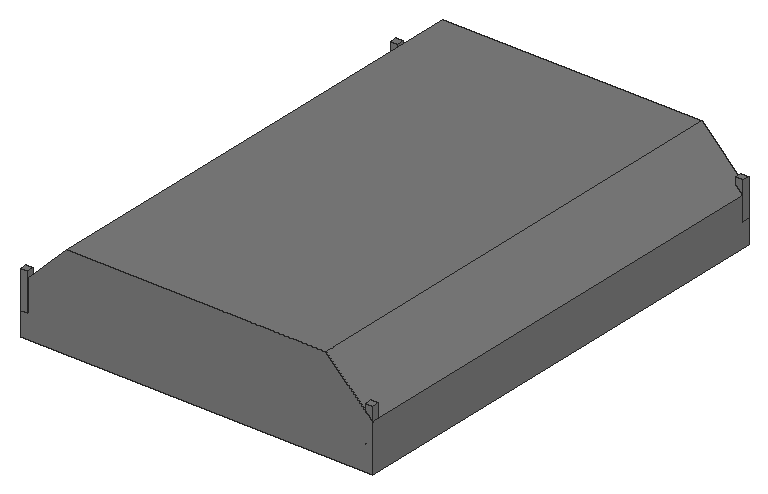
Revit family "НЕВАТОМ_Зонт вытяжной ZVO-2, Версия 2", category Воздухораспределители, Revit 2017
Family settings
  Размер круглого соединителя = Использовать диаметр
  Тип детали = Нормальный
  На основе рабочей плоскости = Нет
  Всегда вертикально = Да
  При загрузке вырезать с полостями = Нет
  Общий = Нет
  Точка расчета площади = Нет
Parameters (values of type "Зонт ZVO-2")
  ТП1 [instance] = "Зонт ZVO 2 2"
  ТП [instance] = "Зонт ZVO 2"
  Материал = По умолчанию
  d = 40 mm
  URL = "https://t.me/NEVATOM_Bim_bot"
  D врезки [instance] = 315 mm
  B-30 [instance] = B - 30 mm  # 1970 mm
  ADSK_Размер_Ширина [instance] = B  # 2000 mm
  ADSK_Размер_Длина [instance] = A  # 1500 mm
  ADSK_Размер_Высота [instance] = 437 mm  # constant formula
  ADSK_Наименование [instance] = "Островной вытяжной зонт"  # constant formula
  ADSK_Материал наименование = "Оцинкованная сталь"  # constant formula
  A-30 [instance] = A - 30 mm  # 1470 mm
  A [instance] = A1  # 1500 mm
  B [instance] = 2000 mm
  ADSK_Расход воздуха = 0.0 L/s
  ADSK_Примечание = ""
  ADSK_Потеря давления воздуха = 0.0 Pa
  ADSK_Позиция = ""
  ADSK_Масса [instance] = size_lookup(ТП, "ADSK_Масса", 0, A, B)  # 74.45
  ADSK_Марка [instance] = size_lookup(ТП1, "", "Ошибка типоразмера", A, B)  # "ZVO–2 -1500х2000"
  ADSK_Код изделия = ""
  ADSK_Завод-изготовитель = "НЕВАТОМ"  # constant formula
  ADSK_Единица измерения = "шт"  # constant formula
  A1 = 1500 mm
Reference planes
  plane 1 "По центру (Вперед/Назад)": y = 0
  plane 2: z = 0
  plane 3 "По центру (Влево/Вправо)": x = 0
  plane 4: y = 970
  plane 5: y = -970
  plane 6: y = 31.25
  plane 7: z = 514.5
  plane 8: z = 437
  plane 9: z = 37
  plane 10: z = 493
  plane 11: x = 750
  plane 12: x = -750
  plane 13: y = -1000
  plane 14: y = 1000
  plane 15: y = -31.25
  plane 16: z = 237
  plane 17: x = 550
  plane 18: x = -550
  plane 19: x = -720
  plane 20: x = 720
  plane 21: z = 297
  plane 22: z = 137
Forms (mm)
  Extrusion 1, solid, material "По умолчанию" <- "Материал", not visible
    sketch origin (0, 0, 0) x (1, 0, 0) y (0, 1, 0)
      loop
        circle (0, 0) r 157.5
    from 437 to 514.5
  Extrusion 2, solid, material "По умолчанию" <- "Материал"
    sketch origin (0, 0, 0) x (1, 0, 0) y (0, 1, 0)
      loop
        circle (0, 0) r 20
    from 0 to 37
  Extrusion 3, solid, material "По умолчанию" <- "Материал"
    sketch origin (0, 0, 0) x (1, 0, 0) y (0, 0, 1)
      loop
        line (-750, 37) -> (750, 37) -> (750, 237) -> (550, 437) -> (-550, 437) -> (-750, 237) -> (-750, 37)
    from -1000 to 1000
  Extrusion 4, solid, material "По умолчанию" <- "Материал"
    sketch origin (0, 0, 0) x (1, 0, 0) y (0, 0, 1)
      loop
        line (-750, 297) -> (-750, 137) -> (-720, 137) -> (-720, 297) -> (-750, 297)
      loop
        line (720, 297) -> (720, 137) -> (750, 137) -> (750, 297) -> (720, 297)
    from -1000 to -970
  Extrusion 5, solid, material "По умолчанию" <- "Материал"
    sketch origin (0, 0, 0) x (1, 0, 0) y (0, 0, -1)
      loop
        line (-750, -297) -> (-720, -297) -> (-720, -137) -> (-750, -137) -> (-750, -297)
      loop
        line (720, -297) -> (750, -297) -> (750, -137) -> (720, -137) -> (720, -297)
    from -1000 to -970
Dimensions and locks
  equal spacing: plane 4, plane 1 "По центру (Вперед/Назад)", plane 5
  locked: plane 8 to plane 9 at 400
  equal spacing: plane 14, plane 1 "По центру (Вперед/Назад)", plane 13
  "B": plane 14 to plane 13
  equal spacing: plane 12, plane 3 "По центру (Влево/Вправо)", plane 11
  "A": plane 12 to plane 11
  equal spacing: plane 6, plane 1 "По центру (Вперед/Назад)", plane 15
  locked: plane 8 to plane 16 at 200
  "ADSK_Размер_Высота": plane 8 to level
  plane 8 to plane 16 = 200 mm
  locked: plane 11 to plane 17 at 200
  locked: plane 18 to plane 12 at 200
  plane 11 to plane 12 = 1500 mm
  plane 13 to plane 14 = 2000 mm
  plane 13 to plane 4 = 1970 mm
  "B-30": plane 5 to plane 14
  "A-30": plane 11 to plane 19
  "A-30": plane 20 to plane 12
  locked: plane 16 to plane 22 at 100
  locked: plane 21 to plane 9 at 260
  "D врезки": diameter of Extrusion 1 sketch curve
  "d": diameter of Extrusion 2 sketch curve
  locked: plane 16 to Extrusion 3 sketch curve (angle 45.00°)
  locked: Extrusion 3 sketch curve to plane 16 (angle 45.00°)
  aligned and locked: level to plane 2
  aligned and locked: plane 7 to Extrusion 1
  aligned and locked: Extrusion 1 to plane 8
  aligned and locked: Extrusion 2 to level
  aligned and locked: plane 9 to Extrusion 2
  aligned and locked: plane 8 to Extrusion 3 sketch curve
  aligned and locked: Extrusion 3 sketch curve to plane 9
  aligned and locked: plane 11 to Extrusion 3 sketch curve
  aligned and locked: Extrusion 3 sketch curve to plane 12
  aligned and locked: plane 16 to Extrusion 3 sketch curve  (x2)
  aligned and locked: Extrusion 3 to plane 13
  aligned and locked: plane 14 to Extrusion 3
  aligned and locked: Extrusion 4 sketch curve to plane 21  (x2)
  aligned and locked: plane 22 to Extrusion 4 sketch curve
  aligned and locked: plane 12 to Extrusion 4 sketch curve
  aligned and locked: Extrusion 4 sketch curve to plane 19
  aligned and locked: Extrusion 4 sketch curve to plane 22
  aligned and locked: Extrusion 4 sketch curve to plane 11
  aligned and locked: plane 20 to Extrusion 4 sketch curve
  aligned and locked: plane 14 to Extrusion 4
  aligned and locked: Extrusion 4 to plane 4
  aligned and locked: Extrusion 5 to plane 13
  aligned and locked: plane 5 to Extrusion 5
  aligned and locked: plane 21 to Extrusion 5  (x2)
  aligned and locked: Extrusion 5 to plane 22  (x2)
  aligned and locked: plane 13 to Extrusion 5
  aligned and locked: Extrusion 5 to plane 5
Automatic sketch dimensions
  Extrusion 5 sketch curve to plane 12 = 0 mm
  Extrusion 5 sketch curve to plane 19 = 0 mm
  Extrusion 5 sketch curve to plane 20 = 0 mm
  Extrusion 5 sketch curve to plane 11 = 0 mm
  Extrusion 5 sketch curve to plane 21 = 0 mm  (x2)
  Extrusion 5 sketch curve to plane 22 = 0 mm  (x2)
  plane 1 "По центру (Вперед/Назад)" to Extrusion 1 sketch curve = 0 mm
  Extrusion 1 sketch curve to plane 3 "По центру (Влево/Вправо)" = 0 mm
  plane 1 "По центру (Вперед/Назад)" to Extrusion 2 sketch curve = 0 mm
  Extrusion 2 sketch curve to plane 3 "По центру (Влево/Вправо)" = 0 mm
Connectors
  hvac at (0, 0, 514.5), driven by "D врезки"
    settings: on Extrusion 1, index 2, duct flow 0.0 L/s, flow factor 0, pres drop 0.0 Pa, loss coef 0, conn angle 0.00°, conn width 304.8 mm, conn height 304.8 mm, conn diameter 315 mm, duct sys type 29, conn prof type 0, flow config 1, flow direction 0, loss method 0, conn ref index -1, conn util no, is conn primary yes, conn desc ""
